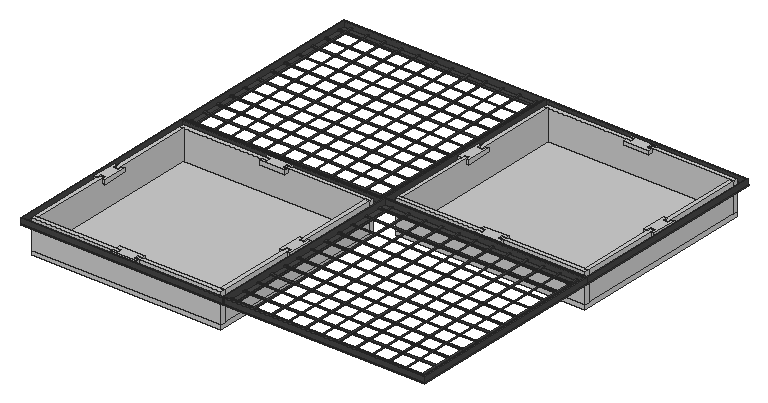
Revit family "CLD-FAB-001_RFA", category Modelos genéricos, Revit 2022 (continued)
Forms (in)
  Extrusion 242, solid
    sketch origin (-24.00002, -23.99997, 0) x (1, 0, 0) y (0, 1, 0)
      loop
        line (25.59746, 34.49997) -> (25.59746, 37.49997) -> (25.22246, 37.49997) -> (25.22246, 36.99997) -> (24.75002, 36.99997) -> (24.75002, 37.49997) -> (24.37502, 37.49997) -> (24.37502, 34.49997) -> (24.75002, 34.49997) -> (24.75002, 34.99997) -> (25.22246, 34.99997) -> (25.22246, 34.49997) -> (25.59746, 34.49997)
    from 0.27756 to 0.75
  Extrusion 243, solid
    sketch origin (47.99997, -1.97246, 0) x (0, 1, 0) y (-1, 0, 0)
      loop
        line (25.59746, 34.49997) -> (25.59746, 37.49997) -> (25.22246, 37.49997) -> (25.22246, 36.99997) -> (24.75002, 36.99997) -> (24.75002, 37.49997) -> (24.37502, 37.49997) -> (24.37502, 34.49997) -> (24.75002, 34.49997) -> (24.75002, 34.99997) -> (25.22246, 34.99997) -> (25.22246, 34.49997) -> (25.59746, 34.49997)
    from 0.27756 to 0.75
  Extrusion 244, solid
    sketch origin (0, -23.99997, 0) x (0, 1, 0) y (0, 0, 1)
      loop
        line (46.77753, -2.77756) -> (46.77753, 0.75) -> (36.99997, 0.75) -> (36.99997, 0.27756) -> (34.99997, 0.27756) -> (34.99997, 0.75) -> (25.22241, 0.75) -> (25.22241, -2.77756) -> (46.77753, -2.77756)
    from 0.75 to 1.22244
  Extrusion 245, solid
    sketch origin (-1.97246, -23.99997, 0) x (1, 0, 0) y (0, 1, 0)
      loop
        line (25.59746, 34.49997) -> (25.59746, 37.49997) -> (25.22246, 37.49997) -> (25.22246, 36.99997) -> (24.75002, 36.99997) -> (24.75002, 37.49997) -> (24.37502, 37.49997) -> (24.37502, 34.49997) -> (24.75002, 34.49997) -> (24.75002, 34.99997) -> (25.22246, 34.99997) -> (25.22246, 34.49997) -> (25.59746, 34.49997)
    from 0.27756 to 0.75
  Extrusion 246, solid
    sketch origin (47.99997, -24.00001, 0) x (0, 1, 0) y (-1, 0, 0)
      loop
        line (25.59746, 34.49997) -> (25.59746, 37.49997) -> (25.22246, 37.49997) -> (25.22246, 36.99997) -> (24.75002, 36.99997) -> (24.75002, 37.49997) -> (24.37502, 37.49997) -> (24.37502, 34.49997) -> (24.75002, 34.49997) -> (24.75002, 34.99997) -> (25.22246, 34.99997) -> (25.22246, 34.49997) -> (25.59746, 34.49997)
    from 0.27756 to 0.75
  Extrusion 247, solid
    sketch origin (71.52755, -46.02757, 0) x (-1, 0, 0) y (0, 0, 1)
      loop
        line (70.77755, -2.77756) -> (70.77755, 0.75) -> (60.52755, 0.75) -> (60.52755, 0.27756) -> (58.52755, 0.27756) -> (58.52755, 0.75) -> (48.27755, 0.75) -> (48.27755, -2.77756) -> (70.77755, -2.77756)
    from 46.77758 to 47.25002
  Extrusion 248, solid
    sketch origin (71.52755, -23.99998, 0) x (-1, 0, 0) y (0, 0, 1)
      loop
        line (70.77755, -2.77756) -> (70.77755, 0.75) -> (60.52755, 0.75) -> (60.52755, 0.27756) -> (58.52755, 0.27756) -> (58.52755, 0.75) -> (48.27755, 0.75) -> (48.27755, -2.77756) -> (70.77755, -2.77756)
    from 46.77758 to 47.25002
  Extrusion 249, solid
    sketch origin (-0.0225, 24.00016, 0) x (1, 0, 0) y (0, 1, 0)
      loop
        line (23.27251, -23.25016) -> (23.27251, -0.75012) -> (0.7725, -0.75012) -> (0.7725, -23.25016) -> (23.27251, -23.25016)
    from -3.25 to -2.77756
  Extrusion 250, solid
    sketch origin (0, -23.99997, 0) x (0, 1, 0) y (0, 0, 1)
      loop
        line (46.77753, -2.77756) -> (46.77753, 0.75) -> (36.99997, 0.75) -> (36.99997, 0.27756) -> (34.99997, 0.27756) -> (34.99997, 0.75) -> (25.22241, 0.75) -> (25.22241, -2.77756) -> (46.77753, -2.77756)
    from 22.77756 to 23.25001
  Extrusion 251, solid
    sketch origin (0, 0, 0) x (1, 0, 0) y (0, 1, 0)
      loop
        line (23.89541, 0.1046) -> (23.89541, 23.8954) -> (0.1046, 23.8954) -> (0.1046, 0.1046) -> (23.89541, 0.1046)
      loop
        line (0, 24) -> (0, 0) -> (24.00001, 0) -> (24.00001, 24) -> (0, 24)
    from 0.1046 to 0.75
  Extrusion 252, solid
    sketch origin (24, 24, 0) x (1, 0, 0) y (0, 1, 0)
      loop
        line (23.89541, 0.1046) -> (23.89541, 23.8954) -> (0.1046, 23.8954) -> (0.1046, 0.1046) -> (23.89541, 0.1046)
      loop
        line (0, 24) -> (0, 0) -> (24.00001, 0) -> (24.00001, 24) -> (0, 24)
    from 0 to 0.75
  Extrusion 253, solid
    sketch origin (0, 0, 0) x (1, 0, 0) y (0, 1, 0)
      loop
        line (23.25, 0.75004) -> (23.25, 23.25004) -> (0.75, 23.25004) -> (0.75, 0.75004) -> (23.25, 0.75004)
      loop
        line (0, 24) -> (0, 0) -> (24.00001, 0) -> (24.00001, 24) -> (0, 24)
    from 0 to 0.1046
  Extrusion 254, solid
    sketch origin (24.00002, 24.00002, 0) x (1, 0, 0) y (0, 1, 0)
      loop
        line (23.25, 0.75004) -> (23.25, 23.25004) -> (0.75, 23.25004) -> (0.75, 0.75004) -> (23.25, 0.75004)
      loop
        line (0, 24) -> (0, 0) -> (24.00001, 0) -> (24.00001, 24) -> (0, 24)
    from 0 to 0.1046
  Extrusion 255, solid, not visible
    sketch origin (24, 24, 0) x (1, 0, 0) y (0, 1, 0)
      loop
        line (23.89541, 0.1046) -> (23.89541, 23.8954) -> (0.1046, 23.8954) -> (0.1046, 0.1046) -> (23.89541, 0.1046)
      loop
        line (0, 24) -> (0, 0) -> (24.00001, 0) -> (24.00001, 24) -> (0, 24)
    from 0 to 0.75
  Extrusion 256, solid, not visible
    sketch origin (24.00002, 24.00002, 0) x (1, 0, 0) y (0, 1, 0)
      loop
        line (23.25, 0.75004) -> (23.25, 23.25004) -> (0.75, 23.25004) -> (0.75, 0.75004) -> (23.25, 0.75004)
      loop
        line (0, 24) -> (0, 0) -> (24.00001, 0) -> (24.00001, 24) -> (0, 24)
    from 0 to 0.1046
  Extrusion 257, solid
    sketch origin (0, 48, 0) x (1, 0, 0) y (0, 1, 0)
      loop
        line (23.89541, -0.1046) -> (0.1046, -0.1046) -> (0.1046, -23.8954) -> (23.89541, -23.8954) -> (23.89541, -0.1046)
      loop
        line (0, -24) -> (24.00001, -24) -> (24.00001, 0) -> (0, 0) -> (0, -24)
    from 0.1046 to 0.75
  Extrusion 258, solid
    sketch origin (0, 48, 0) x (1, 0, 0) y (0, 1, 0)
      loop
        line (23.25, -0.75004) -> (0.75, -0.75004) -> (0.75, -23.25004) -> (23.25, -23.25004) -> (23.25, -0.75004)
      loop
        line (0, -24) -> (24.00001, -24) -> (24.00001, 0) -> (0, 0) -> (0, -24)
    from 0 to 0.1046
  Extrusion 259, solid
    sketch origin (48.00002, 0, 0) x (-1, 0, 0) y (0, -1, 0)
      loop
        line (23.89541, -0.1046) -> (0.1046, -0.1046) -> (0.1046, -23.8954) -> (23.89541, -23.8954) -> (23.89541, -0.1046)
      loop
        line (0, -24) -> (24.00001, -24) -> (24.00001, 0) -> (0, 0) -> (0, -24)
    from 0.1046 to 0.75
  Extrusion 260, solid
    sketch origin (48.00002, 0, 0) x (-1, 0, 0) y (0, -1, 0)
      loop
        line (23.25, -0.75004) -> (0.75, -0.75004) -> (0.75, -23.25004) -> (23.25, -23.25004) -> (23.25, -0.75004)
      loop
        line (0, -24) -> (24.00001, -24) -> (24.00001, 0) -> (0, 0) -> (0, -24)
    from 0 to 0.1046
  Extrusion 261, solid
    sketch origin (0, 0, 0) x (1, 0, 0) y (0, 0, 1)
      loop
        circle (25.00004, 0.20205) r 0.08617
      loop
        circle (27.00004, 0.20205) r 0.08617
      loop
        circle (29.00004, 0.20205) r 0.08617
      loop
        circle (31.00004, 0.20205) r 0.08617
      loop
        circle (33.00004, 0.20205) r 0.08617
      loop
        circle (35.00004, 0.20205) r 0.08617
      loop
        circle (37.00004, 0.20205) r 0.08617
      loop
        circle (39.00004, 0.20205) r 0.08617
      loop
        circle (41.00004, 0.20205) r 0.08617
      loop
        circle (43.00004, 0.20205) r 0.08617
      loop
        circle (45.00004, 0.20205) r 0.08617
      loop
        circle (47.00004, 0.20205) r 0.08617
    from -23.8954 to -0.1046
  Extrusion 262, solid
    sketch origin (-24.00006, 0, 0) x (1, 0, 0) y (0, 0, 1)
      loop
        circle (25.00004, 0.20205) r 0.08617
      loop
        circle (27.00004, 0.20205) r 0.08617
      loop
        circle (29.00004, 0.20205) r 0.08617
      loop
        circle (31.00004, 0.20205) r 0.08617
      loop
        circle (33.00004, 0.20205) r 0.08617
      loop
        circle (35.00004, 0.20205) r 0.08617
      loop
        circle (37.00004, 0.20205) r 0.08617
      loop
        circle (39.00004, 0.20205) r 0.08617
      loop
        circle (41.00004, 0.20205) r 0.08617
      loop
        circle (43.00004, 0.20205) r 0.08617
      loop
        circle (45.00004, 0.20205) r 0.08617
      loop
        circle (47.00004, 0.20205) r 0.08617
    from -47.8954 to -24.1046
  Extrusion 263, solid
    sketch origin (24.00002, 48.00004, 0) x (0, -1, 0) y (0, 0, 1)
      loop
        circle (25.00004, 0.20205) r 0.08617
      loop
        circle (27.00004, 0.20205) r 0.08617
      loop
        circle (29.00004, 0.20205) r 0.08617
      loop
        circle (31.00004, 0.20205) r 0.08617
      loop
        circle (33.00004, 0.20205) r 0.08617
      loop
        circle (35.00004, 0.20205) r 0.08617
      loop
        circle (37.00004, 0.20205) r 0.08617
      loop
        circle (39.00004, 0.20205) r 0.08617
      loop
        circle (41.00004, 0.20205) r 0.08617
      loop
        circle (43.00004, 0.20205) r 0.08617
      loop
        circle (45.00004, 0.20205) r 0.08617
      loop
        circle (47.00004, 0.20205) r 0.08617
    from -23.8954 to -0.10459
  Extrusion 264, solid
    sketch origin (-24.00003, 72.00004, 0) x (0, -1, 0) y (0, 0, 1)
      loop
        circle (25.00004, 0.20205) r 0.08617
      loop
        circle (27.00004, 0.20205) r 0.08617
      loop
        circle (29.00004, 0.20205) r 0.08617
      loop
        circle (31.00004, 0.20205) r 0.08617
      loop
        circle (33.00004, 0.20205) r 0.08617
      loop
        circle (35.00004, 0.20205) r 0.08617
      loop
        circle (37.00004, 0.20205) r 0.08617
      loop
        circle (39.00004, 0.20205) r 0.08617
      loop
        circle (41.00004, 0.20205) r 0.08617
      loop
        circle (43.00004, 0.20205) r 0.08617
      loop
        circle (45.00004, 0.20205) r 0.08617
      loop
        circle (47.00004, 0.20205) r 0.08617
    from -47.8954 to -24.1046
  Extrusion 265, solid, not visible
    sketch origin (0, 48, 0) x (1, 0, 0) y (0, 1, 0)
      loop
        line (23.89541, -0.1046) -> (0.1046, -0.1046) -> (0.1046, -23.8954) -> (23.89541, -23.8954) -> (23.89541, -0.1046)
      loop
        line (0, -24) -> (24.00001, -24) -> (24.00001, 0) -> (0, 0) -> (0, -24)
    from 0.1046 to 0.75
  Extrusion 266, solid, not visible
    sketch origin (0, 48, 0) x (1, 0, 0) y (0, 1, 0)
      loop
        line (23.25, -0.75004) -> (0.75, -0.75004) -> (0.75, -23.25004) -> (23.25, -23.25004) -> (23.25, -0.75004)
      loop
        line (0, -24) -> (24.00001, -24) -> (24.00001, 0) -> (0, 0) -> (0, -24)
    from 0 to 0.1046
  Extrusion 267, solid, not visible
    sketch origin (-24.00006, 0, 0) x (1, 0, 0) y (0, 0, 1)
      loop
        circle (25.00004, 0.20205) r 0.08617
      loop
        circle (27.00004, 0.20205) r 0.08617
      loop
        circle (29.00004, 0.20205) r 0.08617
      loop
        circle (31.00004, 0.20205) r 0.08617
      loop
        circle (33.00004, 0.20205) r 0.08617
      loop
        circle (35.00004, 0.20205) r 0.08617
      loop
        circle (37.00004, 0.20205) r 0.08617
      loop
        circle (39.00004, 0.20205) r 0.08617
      loop
        circle (41.00004, 0.20205) r 0.08617
      loop
        circle (43.00004, 0.20205) r 0.08617
      loop
        circle (45.00004, 0.20205) r 0.08617
      loop
        circle (47.00004, 0.20205) r 0.08617
    from -47.8954 to -24.1046
  Extrusion 268, solid, not visible
    sketch origin (-24.00003, 72.00004, 0) x (0, -1, 0) y (0, 0, 1)
      loop
        circle (25.00004, 0.20205) r 0.08617
      loop
        circle (27.00004, 0.20205) r 0.08617
      loop
        circle (29.00004, 0.20205) r 0.08617
      loop
        circle (31.00004, 0.20205) r 0.08617
      loop
        circle (33.00004, 0.20205) r 0.08617
      loop
        circle (35.00004, 0.20205) r 0.08617
      loop
        circle (37.00004, 0.20205) r 0.08617
      loop
        circle (39.00004, 0.20205) r 0.08617
      loop
        circle (41.00004, 0.20205) r 0.08617
      loop
        circle (43.00004, 0.20205) r 0.08617
      loop
        circle (45.00004, 0.20205) r 0.08617
      loop
        circle (47.00004, 0.20205) r 0.08617
    from -47.8954 to -24.1046
  Extrusion 269, solid, not visible
    sketch origin (48.00002, 0, 0) x (-1, 0, 0) y (0, -1, 0)
      loop
        line (23.89541, -0.1046) -> (0.1046, -0.1046) -> (0.1046, -23.8954) -> (23.89541, -23.8954) -> (23.89541, -0.1046)
      loop
        line (0, -24) -> (24.00001, -24) -> (24.00001, 0) -> (0, 0) -> (0, -24)
    from 0.1046 to 0.75
  Extrusion 270, solid, not visible
    sketch origin (48.00002, 0, 0) x (-1, 0, 0) y (0, -1, 0)
      loop
        line (23.25, -0.75004) -> (0.75, -0.75004) -> (0.75, -23.25004) -> (23.25, -23.25004) -> (23.25, -0.75004)
      loop
        line (0, -24) -> (24.00001, -24) -> (24.00001, 0) -> (0, 0) -> (0, -24)
    from 0 to 0.1046
  Extrusion 271, solid, not visible
    sketch origin (0, 0, 0) x (1, 0, 0) y (0, 0, 1)
      loop
        circle (25.00004, 0.20205) r 0.08617
      loop
        circle (27.00004, 0.20205) r 0.08617
      loop
        circle (29.00004, 0.20205) r 0.08617
      loop
        circle (31.00004, 0.20205) r 0.08617
      loop
        circle (33.00004, 0.20205) r 0.08617
      loop
        circle (35.00004, 0.20205) r 0.08617
      loop
        circle (37.00004, 0.20205) r 0.08617
      loop
        circle (39.00004, 0.20205) r 0.08617
      loop
        circle (41.00004, 0.20205) r 0.08617
      loop
        circle (43.00004, 0.20205) r 0.08617
      loop
        circle (45.00004, 0.20205) r 0.08617
      loop
        circle (47.00004, 0.20205) r 0.08617
    from -23.8954 to -0.1046
  Extrusion 272, solid, not visible
    sketch origin (24.00002, 48.00004, 0) x (0, -1, 0) y (0, 0, 1)
      loop
        circle (25.00004, 0.20205) r 0.08617
      loop
        circle (27.00004, 0.20205) r 0.08617
      loop
        circle (29.00004, 0.20205) r 0.08617
      loop
        circle (31.00004, 0.20205) r 0.08617
      loop
        circle (33.00004, 0.20205) r 0.08617
      loop
        circle (35.00004, 0.20205) r 0.08617
      loop
        circle (37.00004, 0.20205) r 0.08617
      loop
        circle (39.00004, 0.20205) r 0.08617
      loop
        circle (41.00004, 0.20205) r 0.08617
      loop
        circle (43.00004, 0.20205) r 0.08617
      loop
        circle (45.00004, 0.20205) r 0.08617
      loop
        circle (47.00004, 0.20205) r 0.08617
    from -23.8954 to -0.10459
  Extrusion 273, solid, not visible
    sketch origin (-24.00002, -23.99997, 0) x (1, 0, 0) y (0, 1, 0)
      loop
        line (25.59746, 34.49997) -> (25.59746, 37.49997) -> (25.22246, 37.49997) -> (25.22246, 36.99997) -> (24.75002, 36.99997) -> (24.75002, 37.49997) -> (24.37502, 37.49997) -> (24.37502, 34.49997) -> (24.75002, 34.49997) -> (24.75002, 34.99997) -> (25.22246, 34.99997) -> (25.22246, 34.49997) -> (25.59746, 34.49997)
    from 0.27756 to 0.75
  Extrusion 274, solid, not visible
    sketch origin (47.99997, -1.97246, 0) x (0, 1, 0) y (-1, 0, 0)
      loop
        line (25.59746, 34.49997) -> (25.59746, 37.49997) -> (25.22246, 37.49997) -> (25.22246, 36.99997) -> (24.75002, 36.99997) -> (24.75002, 37.49997) -> (24.37502, 37.49997) -> (24.37502, 34.49997) -> (24.75002, 34.49997) -> (24.75002, 34.99997) -> (25.22246, 34.99997) -> (25.22246, 34.49997) -> (25.59746, 34.49997)
    from 0.27756 to 0.75
  Extrusion 275, solid, not visible
    sketch origin (0, -23.99997, 0) x (0, 1, 0) y (0, 0, 1)
      loop
        line (46.77753, -2.77756) -> (46.77753, 0.75) -> (36.99997, 0.75) -> (36.99997, 0.27756) -> (34.99997, 0.27756) -> (34.99997, 0.75) -> (25.22241, 0.75) -> (25.22241, -2.77756) -> (46.77753, -2.77756)
    from 0.75 to 1.22244
  Extrusion 276, solid, not visible
    sketch origin (-1.97246, -23.99997, 0) x (1, 0, 0) y (0, 1, 0)
      loop
        line (25.59746, 34.49997) -> (25.59746, 37.49997) -> (25.22246, 37.49997) -> (25.22246, 36.99997) -> (24.75002, 36.99997) -> (24.75002, 37.49997) -> (24.37502, 37.49997) -> (24.37502, 34.49997) -> (24.75002, 34.49997) -> (24.75002, 34.99997) -> (25.22246, 34.99997) -> (25.22246, 34.49997) -> (25.59746, 34.49997)
    from 0.27756 to 0.75
  Extrusion 277, solid, not visible
    sketch origin (47.99997, -24.00001, 0) x (0, 1, 0) y (-1, 0, 0)
      loop
        line (25.59746, 34.49997) -> (25.59746, 37.49997) -> (25.22246, 37.49997) -> (25.22246, 36.99997) -> (24.75002, 36.99997) -> (24.75002, 37.49997) -> (24.37502, 37.49997) -> (24.37502, 34.49997) -> (24.75002, 34.49997) -> (24.75002, 34.99997) -> (25.22246, 34.99997) -> (25.22246, 34.49997) -> (25.59746, 34.49997)
    from 0.27756 to 0.75
  Extrusion 278, solid, not visible
    sketch origin (71.52755, -46.02757, 0) x (-1, 0, 0) y (0, 0, 1)
      loop
        line (70.77755, -2.77756) -> (70.77755, 0.75) -> (60.52755, 0.75) -> (60.52755, 0.27756) -> (58.52755, 0.27756) -> (58.52755, 0.75) -> (48.27755, 0.75) -> (48.27755, -2.77756) -> (70.77755, -2.77756)
    from 46.77758 to 47.25002
  Extrusion 279, solid, not visible
    sketch origin (71.52755, -23.99998, 0) x (-1, 0, 0) y (0, 0, 1)
      loop
        line (70.77755, -2.77756) -> (70.77755, 0.75) -> (60.52755, 0.75) -> (60.52755, 0.27756) -> (58.52755, 0.27756) -> (58.52755, 0.75) -> (48.27755, 0.75) -> (48.27755, -2.77756) -> (70.77755, -2.77756)
    from 46.77758 to 47.25002
  Extrusion 280, solid, not visible
    sketch origin (-0.0225, 24.00016, 0) x (1, 0, 0) y (0, 1, 0)
      loop
        line (23.27251, -23.25016) -> (23.27251, -0.75012) -> (0.7725, -0.75012) -> (0.7725, -23.25016) -> (23.27251, -23.25016)
    from -3.25 to -2.77756
  Extrusion 281, solid, not visible
    sketch origin (0, -23.99997, 0) x (0, 1, 0) y (0, 0, 1)
      loop
        line (46.77753, -2.77756) -> (46.77753, 0.75) -> (36.99997, 0.75) -> (36.99997, 0.27756) -> (34.99997, 0.27756) -> (34.99997, 0.75) -> (25.22241, 0.75) -> (25.22241, -2.77756) -> (46.77753, -2.77756)
    from 22.77756 to 23.25001
  Extrusion 282, solid, not visible
    sketch origin (0, 0, 0) x (1, 0, 0) y (0, 1, 0)
      loop
        line (23.89541, 0.1046) -> (23.89541, 23.8954) -> (0.1046, 23.8954) -> (0.1046, 0.1046) -> (23.89541, 0.1046)
      loop
        line (0, 24) -> (0, 0) -> (24.00001, 0) -> (24.00001, 24) -> (0, 24)
    from 0.1046 to 0.75
  Extrusion 283, solid, not visible
    sketch origin (0, 0, 0) x (1, 0, 0) y (0, 1, 0)
      loop
        line (23.25, 0.75004) -> (23.25, 23.25004) -> (0.75, 23.25004) -> (0.75, 0.75004) -> (23.25, 0.75004)
      loop
        line (0, 24) -> (0, 0) -> (24.00001, 0) -> (24.00001, 24) -> (0, 24)
    from 0 to 0.1046
  Extrusion 284, solid, not visible
    sketch origin (-0.0225, 24.00016, 0) x (1, 0, 0) y (0, 1, 0)
      loop
        line (47.27251, 0.74981) -> (47.27251, 23.24981) -> (24.77251, 23.24981) -> (24.77251, 0.74981) -> (47.27251, 0.74981)
    from -3.25 to -2.77756
  Extrusion 285, solid, not visible
    sketch origin (0, 0, 0) x (1, 0, 0) y (0, 1, 0)
      loop
        line (25.59746, 34.49997) -> (25.59746, 37.49997) -> (25.22246, 37.49997) -> (25.22246, 36.99997) -> (24.75002, 36.99997) -> (24.75002, 37.49997) -> (24.37502, 37.49997) -> (24.37502, 34.49997) -> (24.75002, 34.49997) -> (24.75002, 34.99997) -> (25.22246, 34.99997) -> (25.22246, 34.49997) -> (25.59746, 34.49997)
    from 0.27756 to 0.75
  Extrusion 286, solid, not visible
    sketch origin (71.99999, 22.02751, 0) x (0, 1, 0) y (-1, 0, 0)
      loop
        line (25.59746, 34.49997) -> (25.59746, 37.49997) -> (25.22246, 37.49997) -> (25.22246, 36.99997) -> (24.75002, 36.99997) -> (24.75002, 37.49997) -> (24.37502, 37.49997) -> (24.37502, 34.49997) -> (24.75002, 34.49997) -> (24.75002, 34.99997) -> (25.22246, 34.99997) -> (25.22246, 34.49997) -> (25.59746, 34.49997)
    from 0.27756 to 0.75
  Extrusion 287, solid, not visible
    sketch origin (0, 0, 0) x (0, 1, 0) y (0, 0, 1)
      loop
        line (46.77753, -2.77756) -> (46.77753, 0.75) -> (36.99997, 0.75) -> (36.99997, 0.27756) -> (34.99997, 0.27756) -> (34.99997, 0.75) -> (25.22241, 0.75) -> (25.22241, -2.77756) -> (46.77753, -2.77756)
    from 46.77758 to 47.25002
  Extrusion 288, solid, not visible
    sketch origin (0, 0, 0) x (0, 1, 0) y (0, 0, 1)
      loop
        line (46.77753, -2.77756) -> (46.77753, 0.75) -> (36.99997, 0.75) -> (36.99997, 0.27756) -> (34.99997, 0.27756) -> (34.99997, 0.75) -> (25.22241, 0.75) -> (25.22241, -2.77756) -> (46.77753, -2.77756)
    from 24.75002 to 25.22246
  Extrusion 289, solid, not visible
    sketch origin (22.02756, 0, 0) x (1, 0, 0) y (0, 1, 0)
      loop
        line (25.59746, 34.49997) -> (25.59746, 37.49997) -> (25.22246, 37.49997) -> (25.22246, 36.99997) -> (24.75002, 36.99997) -> (24.75002, 37.49997) -> (24.37502, 37.49997) -> (24.37502, 34.49997) -> (24.75002, 34.49997) -> (24.75002, 34.99997) -> (25.22246, 34.99997) -> (25.22246, 34.49997) -> (25.59746, 34.49997)
    from 0.27756 to 0.75
  Extrusion 290, solid, not visible
    sketch origin (71.52755, -0.00005, 0) x (-1, 0, 0) y (0, 0, 1)
      loop
        line (46.77753, -2.77756) -> (46.77753, 0.75) -> (36.52753, 0.75) -> (36.52753, 0.27756) -> (34.52753, 0.27756) -> (34.52753, 0.75) -> (24.27753, 0.75) -> (24.27753, -2.77756) -> (46.77753, -2.77756)
    from 46.77758 to 47.25002
  Extrusion 291, solid, not visible
    sketch origin (71.99999, -0.00005, 0) x (0, 1, 0) y (-1, 0, 0)
      loop
        line (25.59746, 34.49997) -> (25.59746, 37.49997) -> (25.22246, 37.49997) -> (25.22246, 36.99997) -> (24.75002, 36.99997) -> (24.75002, 37.49997) -> (24.37502, 37.49997) -> (24.37502, 34.49997) -> (24.75002, 34.49997) -> (24.75002, 34.99997) -> (25.22246, 34.99997) -> (25.22246, 34.49997) -> (25.59746, 34.49997)
    from 0.27756 to 0.75
  Extrusion 292, solid, not visible
    sketch origin (71.52755, -22.02761, 0) x (-1, 0, 0) y (0, 0, 1)
      loop
        line (46.77753, -2.77756) -> (46.77753, 0.75) -> (36.52753, 0.75) -> (36.52753, 0.27756) -> (34.52753, 0.27756) -> (34.52753, 0.75) -> (24.27753, 0.75) -> (24.27753, -2.77756) -> (46.77753, -2.77756)
    from 46.77758 to 47.25002
  Extrusion 293, solid, not visible
    sketch origin (24, 24, 0) x (1, 0, 0) y (0, 1, 0)
      loop
        line (23.89541, 0.1046) -> (23.89541, 23.8954) -> (0.1046, 23.8954) -> (0.1046, 0.1046) -> (23.89541, 0.1046)
      loop
        line (0, 24) -> (0, 0) -> (24.00001, 0) -> (24.00001, 24) -> (0, 24)
    from 0 to 0.75
  Extrusion 294, solid, not visible
    sketch origin (24.00002, 24.00002, 0) x (1, 0, 0) y (0, 1, 0)
      loop
        line (23.25, 0.75004) -> (23.25, 23.25004) -> (0.75, 23.25004) -> (0.75, 0.75004) -> (23.25, 0.75004)
      loop
        line (0, 24) -> (0, 0) -> (24.00001, 0) -> (24.00001, 24) -> (0, 24)
    from 0 to 0.1046
Dimensions and locks (in)
  Extrusion 251 to Extrusion 257 to Extrusion 257 = 24.00", 24.00"
  Extrusion 257 to Extrusion 257 to Extrusion 252 = 24.00001", 24.00"
  Extrusion 253 to Extrusion 249 = 3.25"
  aligned and locked: level to plane 2
